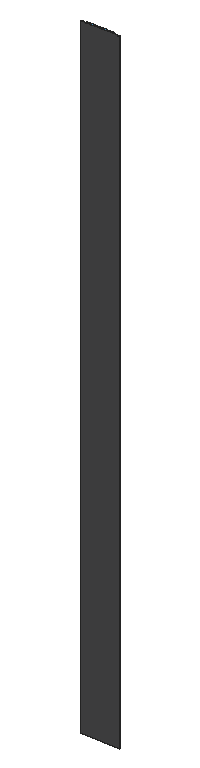
Revit family "Pantalla Modelo SE_", category Luminarias, Revit 2019
Family settings
  Cota de conector redondo = Diámetro de uso
  Tipo de pieza = Normal
  Se basa en plano de trabajo = Sí
  Siempre vertical = No
  Corte con vacíos al cargar = No
  Origen de luz = No
  Compartido = No
  Punto de cálculo de habitación = No
Parameters (values of type "Pantalla Modelo_SE55210W.1")
  Zone [instance] = ""
  Watt per fixture = 350
  Keynote = ""
  Modulo largo = 440 mm
  Modulo alto = 7040 mm
  Modelo = "SE55210W.1"
  Lámpara = "SMD 3 en 1"
  Fabricante = "BRILLANT"
  Espesor = 0.8 mm
  Default Elevation = 0 mm
  Descripción = "PANTALLA MODELO SE, CODIGO SE55210W.1, MODELO SE55, PIXEL PITCH 55MM, RESOLUCION DEL PANEL 8X128 DOTS, CANTIDAD POR PANEL DE LED A 1024 DOTS, CONFIGURACION DEL PIXEL SMD 3 EN 1, 1000 NITS EN BRILLO, FRECUENCIA DE ACTUALIZACION A 1000Hz, ESCALA DE GRISES 12BIT, AJUSTE DE BRILLO EN 256 NIVELES, DIMENSION DEL PANEL 440X7040MM, PANEL DE 3.1M2, PESO DEL PANEL EN 9.5kg, MAXIMO CONSUMO DE ENERGIA 350W, PROMEDIO DE CONSUMO 210W, ANGULO DE VISUALIZACION 120/110 GRADOS, DISTANCIA DE VISUALIZACION 55M, TRANSPARENCIA 55%, DURACION DE LAS LUCES (50% BRILLO) >50,000 HORAS, TEMPERATURA DE FUNCIONAMIENTO -30C a +40C, HUMEDAD RELATIVA 10-90%, IP 54/65 (OPCIONAL), VOLTAJE AC 100-240V/50-60Hz, MODO DE ENTRADA CORRIENTE CONSTANTE, TIPO DE SEÑAL AV, S-VIDEO, VGA, CVBS, HDMI, DVI, SDI. REQUIERE ACCESORIOS: PROCESADOR DE VIDEO (XPSE.1), CABLE DE ENERGIA L=75CM (XPSE.2), GANCHO 2.5KG (XPSE.3), DISTRIBUIDOR DE DATOS 8 PUERTOS 15KG (XPSE.5)."
  Comentarios de vataje = "100-240V"
  Circuit [instance] = ""
Types (4, lengths in mm): name | Watt per fixture | Modulo largo | Modulo alto | Modelo | Lámpara | Descripción
  Pantalla Modelo_SE55210W.1 | 350 | 440 | 7040 | "SE55210W.1" | "SMD 3 en 1" | "PANTALLA MODELO SE, CODIGO SE55210W.1, MODELO SE55, PIXEL PITCH 55MM, RESOLUCION DEL PANEL 8X128 DOTS, CANTIDAD POR PANEL DE LED A 1024 DOTS, CONFIGURACION DEL PIXEL SMD 3 EN 1, 1000 NITS EN BRILLO, FRECUENCIA DE ACTUALIZACION A 1000Hz, ESCALA DE GRISES 12BIT, AJUSTE DE BRILLO EN 256 NIVELES, DIMENSION DEL PANEL 440X7040MM, PANEL DE 3.1M2, PESO DEL PANEL EN 9.5kg, MAXIMO CONSUMO DE ENERGIA 350W, PROMEDIO DE CONSUMO 210W, ANGULO DE VISUALIZACION 120/110 GRADOS, DISTANCIA DE VISUALIZACION 55M, TRANSPARENCIA 55%, DURACION DE LAS LUCES (50% BRILLO) >50,000 HORAS, TEMPERATURA DE FUNCIONAMIENTO -30C a +40C, HUMEDAD RELATIVA 10-90%, IP 54/65 (OPCIONAL), VOLTAJE AC 100-240V/50-60Hz, MODO DE ENTRADA CORRIENTE CONSTANTE, TIPO DE SEÑAL AV, S-VIDEO, VGA, CVBS, HDMI, DVI, SDI. REQUIERE ACCESORIOS: PROCESADOR DE VIDEO (XPSE.1), CABLE DE ENERGIA L=75CM (XPSE.2), GANCHO 2.5KG (XPSE.3), DISTRIBUIDOR DE DATOS 8 PUERTOS 15KG (XPSE.5)."
  Pantalla Modelo_SE80160W.1 | 270 | 640 | 7680 | "SE80160W.1" | "SMD" | "PANTALLA MODELO SE, CODIGO SE80160W.1, MODELO SE80, PIXEL PITCH 80MM, RESOLUCION DEL PANEL 8X96 DOTS, CANTIDAD POR PANEL DE LED A 768 DOTS, CONFIGURACION DEL PIXEL SMD 3 EN 1, 600 NITS EN BRILLO, FRECUENCIA DE ACTUALIZACION A 1000Hz, ESCALA DE GRISES 12BIT, AJUSTE DE BRILLO EN 256 NIVELES, DIMENSION DEL PANEL 640X7680MM, PANEL DE 4.9M2, PESO DEL PANEL EN 10.5kg, MAXIMO CONSUMO DE ENERGIA 270W, PROMEDIO DE CONSUMO 160W, ANGULO DE VISUALIZACION 120/110 GRADOS, DISTANCIA DE VISUALIZACION 80M, TRANSPARENCIA 75%, DURACION DE LAS LUCES (50% BRILLO) >50,000 HORAS, TEMPERATURA DE FUNCIONAMIENTO -30C a +40C, HUMEDAD RELATIVA 10-90%, IP 54/65 (OPCIONAL), VOLTAJE AC 100-240V/50-60Hz, MODO DE ENTRADA CORRIENTE CONSTANTE, TIPO DE SEÑAL AV, S-VIDEO, VGA, CVBS, HDMI, DVI, SDI. REQUIERE ACCESORIOS: PROCESADOR DE VIDEO (XPSE.1), CABLE DE ENERGIA L=75CM (XPSE.2), GANCHO 2.5KG (XPSE.3), DISTRIBUIDOR DE DATOS 8 PUERTOS 15KG (XPSE.5)."
  Pantalla Modelo_SE55H660W.1 | 1100 | 440 | 7040 | "SE55H660W.1" | "SMD" | "PANTALLA MODELO SE55H, CODIGO SE55H660W.1, MODELO SE55H, PIXEL PITCH 55MM, RESOLUCION DEL PANEL 8X128 DOTS, CANTIDAD POR PANEL DE LED A 1024 DOTS, CONFIGURACION DEL PIXEL SMD 3 EN 1, 4000 NITS EN BRILLO, FRECUENCIA DE ACTUALIZACION A 1000Hz, ESCALA DE GRISES 12BIT, AJUSTE DE BRILLO EN 256 NIVELES, DIMENSION DEL PANEL 440X7040MM, PANEL DE 3.1M2, PESO DEL PANEL EN 20kg, MAXIMO CONSUMO DE ENERGIA 1100W, PROMEDIO DE CONSUMO 660W, ANGULO DE VISUALIZACION 120/110 GRADOS, DISTANCIA DE VISUALIZACION 55M, TRANSPARENCIA 60%, DURACION DE LAS LUCES (50% BRILLO) >50,000 HORAS, TEMPERATURA DE FUNCIONAMIENTO -30C a +40C, HUMEDAD RELATIVA 10-90%, IP 54/65 (OPCIONAL), VOLTAJE AC 100-240V/50-60Hz, MODO DE ENTRADA CORRIENTE CONSTANTE, TIPO DE SEÑAL AV, S-VIDEO, VGA, CVBS, HDMI, DVI, SDI. REQUIERE ACCESORIOS: PROCESADOR DE VIDEO (XPSE.1), CABLE DE ENERGIA L=75CM (XPSE.2), GANCHO 2.5KG (XPSE.3), DISTRIBUIDOR DE DATOS 8 PUERTOS 15KG (XPSE.5)."
  Pantalla Modelo_SE80H670W.1 | 670 | 640 | 10240 | "SE80H670W.1" | "SMD" | "PANTALLA MODELO SE80H, CODIGO SE80H670W.1, MODELO SE80H, PIXEL PITCH 80MM, RESOLUCION DEL PANEL 8X128 DOTS, CANTIDAD POR PANEL DE LED A 1024 DOTS, CONFIGURACION DEL PIXEL SMD 3 EN 1, 2000 NITS EN BRILLO, FRECUENCIA DE ACTUALIZACION A 1000Hz, ESCALA DE GRISES 12BIT, AJUSTE DE BRILLO EN 256 NIVELES, DIMENSION DEL PANEL 640X10240MM, PANEL DE 6.5M2, PESO DEL PANEL EN 22kg, MAXIMO CONSUMO DE ENERGIA 11,115W, PROMEDIO DE CONSUMO 60W, ANGULO DE VISUALIZACION 120/110 GRADOS, DISTANCIA DE VISUALIZACION 55M, TRANSPARENCIA 60%, DURACION DE LAS LUCES (50% BRILLO) >50,000 HORAS, TEMPERATURA DE FUNCIONAMIENTO -30C a +40C, HUMEDAD RELATIVA 10-90%, IP 54/65 (OPCIONAL), VOLTAJE AC 100-240V/50-60Hz, MODO DE ENTRADA CORRIENTE CONSTANTE, TIPO DE SEÑAL AV, S-VIDEO, VGA, CVBS, HDMI, DVI, SDI. REQUIERE ACCESORIOS: PROCESADOR DE VIDEO (XPSE.1), CABLE DE ENERGIA L=75CM (XPSE.2), GANCHO 2.5KG (XPSE.3), DISTRIBUIDOR DE DATOS 8 PUERTOS 15KG (XPSE.5)."
Reference planes
  plane 1 "Centro (Frontal/Posterior)": y = 0
  plane 2: z = 0
  plane 3 "Centro (Izquierda/Derecha)": x = 0
  plane 4: z = -7040
  plane 5: x = -220
  plane 6: x = 220
  plane 7: y = 0.8
Forms (mm)
  Extrusion 1, solid, material "Plastico"
    sketch origin (0, 0, 0) x (1, 0, 0) y (0, 1, 0)
      loop
        line (-220, 0) -> (220, 0) -> (220, 0.8) -> (-220, 0.8) -> (-220, 0)
    from 0 to -7040
  Revolve 2, solid, material "Cristal", not visible
    sketch origin (-152, 0, 0) x (0, 1, 0) y (0, 0, -1)
      loop
        line (0, -8.749) -> (0, -7.25) -> (-1.499, -7.25)
        arc (-1.499, -7.25) -> (-1.06, -8.31) -> (0, -8.749) r 1.499
      axis (0, -7.25) -> (-1.499, -7.25)
    angle from 0 to 360
  Revolve 3, solid, material "Cristal", not visible
    sketch origin (-136, 0, 0) x (0, 1, 0) y (0, 0, -1)
      loop
        line (0, -8.749) -> (0, -7.25) -> (-1.499, -7.25)
        arc (-1.499, -7.25) -> (-1.06, -8.31) -> (0, -8.749) r 1.499
      axis (0, -7.25) -> (-1.499, -7.25)
    angle from 0 to 360
  Revolve 4, solid, material "Cristal", not visible
    sketch origin (-120, 0, 0) x (0, 1, 0) y (0, 0, -1)
      loop
        line (0, -8.749) -> (0, -7.25) -> (-1.499, -7.25)
        arc (-1.499, -7.25) -> (-1.06, -8.31) -> (0, -8.749) r 1.499
      axis (0, -7.25) -> (-1.499, -7.25)
    angle from 0 to 360
  Revolve 5, solid, material "Cristal", not visible
    sketch origin (-104, 0, 0) x (0, 1, 0) y (0, 0, -1)
      loop
        line (0, -8.749) -> (0, -7.25) -> (-1.499, -7.25)
        arc (-1.499, -7.25) -> (-1.06, -8.31) -> (0, -8.749) r 1.499
      axis (0, -7.25) -> (-1.499, -7.25)
    angle from 0 to 360
  Revolve 6, solid, material "Cristal", not visible
    sketch origin (-88, 0, 0) x (0, 1, 0) y (0, 0, -1)
      loop
        line (0, -8.749) -> (0, -7.25) -> (-1.499, -7.25)
        arc (-1.499, -7.25) -> (-1.06, -8.31) -> (0, -8.749) r 1.499
      axis (0, -7.25) -> (-1.499, -7.25)
    angle from 0 to 360
  Revolve 7, solid, material "Cristal", not visible
    sketch origin (-72, 0, 0) x (0, 1, 0) y (0, 0, -1)
      loop
        line (0, -8.749) -> (0, -7.25) -> (-1.499, -7.25)
        arc (-1.499, -7.25) -> (-1.06, -8.31) -> (0, -8.749) r 1.499
      axis (0, -7.25) -> (-1.499, -7.25)
    angle from 0 to 360
  Revolve 8, solid, material "Cristal", not visible
    sketch origin (-56, 0, 0) x (0, 1, 0) y (0, 0, -1)
      loop
        line (0, -8.749) -> (0, -7.25) -> (-1.499, -7.25)
        arc (-1.499, -7.25) -> (-1.06, -8.31) -> (0, -8.749) r 1.499
      axis (0, -7.25) -> (-1.499, -7.25)
    angle from 0 to 360
  Revolve 9, solid, material "Cristal", not visible
    sketch origin (-40, 0, 0) x (0, 1, 0) y (0, 0, -1)
      loop
        line (0, -8.749) -> (0, -7.25) -> (-1.499, -7.25)
        arc (-1.499, -7.25) -> (-1.06, -8.31) -> (0, -8.749) r 1.499
      axis (0, -7.25) -> (-1.499, -7.25)
    angle from 0 to 360
  Revolve 10, solid, material "Cristal", not visible
    sketch origin (-24, 0, 0) x (0, 1, 0) y (0, 0, -1)
      loop
        line (0, -8.749) -> (0, -7.25) -> (-1.499, -7.25)
        arc (-1.499, -7.25) -> (-1.06, -8.31) -> (0, -8.749) r 1.499
      axis (0, -7.25) -> (-1.499, -7.25)
    angle from 0 to 360
  Revolve 11, solid, material "Cristal", not visible
    sketch origin (-8, 0, 0) x (0, 1, 0) y (0, 0, -1)
      loop
        line (0, -8.749) -> (0, -7.25) -> (-1.499, -7.25)
        arc (-1.499, -7.25) -> (-1.06, -8.31) -> (0, -8.749) r 1.499
      axis (0, -7.25) -> (-1.499, -7.25)
    angle from 0 to 360
  Revolve 12, solid, material "Cristal", not visible
    sketch origin (8, 0, 0) x (0, 1, 0) y (0, 0, -1)
      loop
        line (0, -8.749) -> (0, -7.25) -> (-1.499, -7.25)
        arc (-1.499, -7.25) -> (-1.06, -8.31) -> (0, -8.749) r 1.499
      axis (0, -7.25) -> (-1.499, -7.25)
    angle from 0 to 360
  Revolve 13, solid, material "Cristal", not visible
    sketch origin (24, 0, 0) x (0, 1, 0) y (0, 0, -1)
      loop
        line (0, -8.749) -> (0, -7.25) -> (-1.499, -7.25)
        arc (-1.499, -7.25) -> (-1.06, -8.31) -> (0, -8.749) r 1.499
      axis (0, -7.25) -> (-1.499, -7.25)
    angle from 0 to 360
  Revolve 14, solid, material "Cristal", not visible
    sketch origin (40, 0, 0) x (0, 1, 0) y (0, 0, -1)
      loop
        line (0, -8.749) -> (0, -7.25) -> (-1.499, -7.25)
        arc (-1.499, -7.25) -> (-1.06, -8.31) -> (0, -8.749) r 1.499
      axis (0, -7.25) -> (-1.499, -7.25)
    angle from 0 to 360
  Revolve 15, solid, material "Cristal", not visible
    sketch origin (56, 0, 0) x (0, 1, 0) y (0, 0, -1)
      loop
        line (0, -8.749) -> (0, -7.25) -> (-1.499, -7.25)
        arc (-1.499, -7.25) -> (-1.06, -8.31) -> (0, -8.749) r 1.499
      axis (0, -7.25) -> (-1.499, -7.25)
    angle from 0 to 360
  Revolve 16, solid, material "Cristal", not visible
    sketch origin (72, 0, 0) x (0, 1, 0) y (0, 0, -1)
      loop
        line (0, -8.749) -> (0, -7.25) -> (-1.499, -7.25)
        arc (-1.499, -7.25) -> (-1.06, -8.31) -> (0, -8.749) r 1.499
      axis (0, -7.25) -> (-1.499, -7.25)
    angle from 0 to 360
  Revolve 17, solid, material "Cristal", not visible
    sketch origin (88, 0, 0) x (0, 1, 0) y (0, 0, -1)
      loop
        line (0, -8.749) -> (0, -7.25) -> (-1.499, -7.25)
        arc (-1.499, -7.25) -> (-1.06, -8.31) -> (0, -8.749) r 1.499
      axis (0, -7.25) -> (-1.499, -7.25)
    angle from 0 to 360
  Revolve 18, solid, material "Cristal", not visible
    sketch origin (104, 0, 0) x (0, 1, 0) y (0, 0, -1)
      loop
        line (0, -8.749) -> (0, -7.25) -> (-1.499, -7.25)
        arc (-1.499, -7.25) -> (-1.06, -8.31) -> (0, -8.749) r 1.499
      axis (0, -7.25) -> (-1.499, -7.25)
    angle from 0 to 360
  Revolve 19, solid, material "Cristal", not visible
    sketch origin (120, 0, 0) x (0, 1, 0) y (0, 0, -1)
      loop
        line (0, -8.749) -> (0, -7.25) -> (-1.499, -7.25)
        arc (-1.499, -7.25) -> (-1.06, -8.31) -> (0, -8.749) r 1.499
      axis (0, -7.25) -> (-1.499, -7.25)
    angle from 0 to 360
  Revolve 20, solid, material "Cristal", not visible
    sketch origin (136, 0, 0) x (0, 1, 0) y (0, 0, -1)
      loop
        line (0, -8.749) -> (0, -7.25) -> (-1.499, -7.25)
        arc (-1.499, -7.25) -> (-1.06, -8.31) -> (0, -8.749) r 1.499
      axis (0, -7.25) -> (-1.499, -7.25)
    angle from 0 to 360
  Revolve 21, solid, material "Cristal", not visible
    sketch origin (152, 0, 0) x (0, 1, 0) y (0, 0, -1)
      loop
        line (0, -8.749) -> (0, -7.25) -> (-1.499, -7.25)
        arc (-1.499, -7.25) -> (-1.06, -8.31) -> (0, -8.749) r 1.499
      axis (0, -7.25) -> (-1.499, -7.25)
    angle from 0 to 360
Dimensions and locks
  equal spacing: plane 6, plane 3 "Centro (Izquierda/Derecha)", plane 5
  "Modulo largo": plane 6 to plane 5
  plane 3 "Centro (Izquierda/Derecha)" to plane 5 = 220 mm
  "Espesor": plane 1 "Centro (Frontal/Posterior)" to plane 7
  "Modulo alto": level to plane 4
  aligned and locked: plane 4 to Extrusion 1
  aligned and locked: plane 5 to Extrusion 1
  aligned and locked: Extrusion 1 to plane 6
  aligned and locked: plane 7 to Extrusion 1
  aligned and locked: level to plane 2
Automatic sketch dimensions
  Revolve 2 sketch curve to Revolve 2 sketch curve = 1.499 mm
  Revolve 2 sketch curve to Revolve 2 sketch curve = 3.099 mm
  Revolve 2 sketch curve to Revolve 2 sketch curve = 0 mm  (x2)
  Revolve 3 sketch curve to Revolve 3 sketch curve = 1.499 mm
  Revolve 3 sketch curve to Revolve 3 sketch curve = 3.099 mm
  Revolve 3 sketch curve to Revolve 3 sketch curve = 0 mm  (x2)
  Revolve 4 sketch curve to Revolve 4 sketch curve = 1.499 mm
  Revolve 4 sketch curve to Revolve 4 sketch curve = 3.099 mm
  Revolve 4 sketch curve to Revolve 4 sketch curve = 0 mm  (x2)
  Revolve 5 sketch curve to Revolve 5 sketch curve = 1.499 mm
  Revolve 5 sketch curve to Revolve 5 sketch curve = 3.099 mm
  Revolve 5 sketch curve to Revolve 5 sketch curve = 0 mm  (x2)
  Revolve 6 sketch curve to Revolve 6 sketch curve = 1.499 mm
  Revolve 6 sketch curve to Revolve 6 sketch curve = 3.099 mm
  Revolve 6 sketch curve to Revolve 6 sketch curve = 0 mm  (x2)
  Revolve 7 sketch curve to Revolve 7 sketch curve = 1.499 mm
  Revolve 7 sketch curve to Revolve 7 sketch curve = 3.099 mm
  Revolve 7 sketch curve to Revolve 7 sketch curve = 0 mm  (x2)
  Revolve 8 sketch curve to Revolve 8 sketch curve = 1.499 mm
  Revolve 8 sketch curve to Revolve 8 sketch curve = 3.099 mm
  Revolve 8 sketch curve to Revolve 8 sketch curve = 0 mm  (x2)
  Revolve 9 sketch curve to Revolve 9 sketch curve = 1.499 mm
  Revolve 9 sketch curve to Revolve 9 sketch curve = 3.099 mm
  Revolve 9 sketch curve to Revolve 9 sketch curve = 0 mm  (x2)
  Revolve 10 sketch curve to Revolve 10 sketch curve = 1.499 mm
  Revolve 10 sketch curve to Revolve 10 sketch curve = 3.099 mm
  Revolve 10 sketch curve to Revolve 10 sketch curve = 0 mm  (x2)
  Revolve 11 sketch curve to Revolve 11 sketch curve = 1.499 mm
  Revolve 11 sketch curve to Revolve 11 sketch curve = 3.099 mm
  Revolve 11 sketch curve to Revolve 11 sketch curve = 0 mm  (x2)
  Revolve 12 sketch curve to Revolve 12 sketch curve = 1.499 mm
  Revolve 12 sketch curve to Revolve 12 sketch curve = 3.099 mm
  Revolve 12 sketch curve to Revolve 12 sketch curve = 0 mm  (x2)
  Revolve 13 sketch curve to Revolve 13 sketch curve = 1.499 mm
  Revolve 13 sketch curve to Revolve 13 sketch curve = 3.099 mm
  Revolve 13 sketch curve to Revolve 13 sketch curve = 0 mm  (x2)
  Revolve 14 sketch curve to Revolve 14 sketch curve = 1.499 mm
  Revolve 14 sketch curve to Revolve 14 sketch curve = 3.099 mm
  Revolve 14 sketch curve to Revolve 14 sketch curve = 0 mm  (x2)
  Revolve 15 sketch curve to Revolve 15 sketch curve = 1.499 mm
  Revolve 15 sketch curve to Revolve 15 sketch curve = 3.099 mm
  Revolve 15 sketch curve to Revolve 15 sketch curve = 0 mm  (x2)
  Revolve 16 sketch curve to Revolve 16 sketch curve = 1.499 mm
  Revolve 16 sketch curve to Revolve 16 sketch curve = 3.099 mm
  Revolve 16 sketch curve to Revolve 16 sketch curve = 0 mm  (x2)
  Revolve 17 sketch curve to Revolve 17 sketch curve = 1.499 mm
  Revolve 17 sketch curve to Revolve 17 sketch curve = 3.099 mm
  Revolve 17 sketch curve to Revolve 17 sketch curve = 0 mm  (x2)
  Revolve 18 sketch curve to Revolve 18 sketch curve = 1.499 mm
  Revolve 18 sketch curve to Revolve 18 sketch curve = 3.099 mm
  Revolve 18 sketch curve to Revolve 18 sketch curve = 0 mm  (x2)
  Revolve 19 sketch curve to Revolve 19 sketch curve = 1.499 mm
  Revolve 19 sketch curve to Revolve 19 sketch curve = 3.099 mm
  Revolve 19 sketch curve to Revolve 19 sketch curve = 0 mm  (x2)
  Revolve 20 sketch curve to Revolve 20 sketch curve = 1.499 mm
  Revolve 20 sketch curve to Revolve 20 sketch curve = 3.099 mm
  Revolve 20 sketch curve to Revolve 20 sketch curve = 0 mm  (x2)
  Revolve 21 sketch curve to Revolve 21 sketch curve = 1.499 mm
  Revolve 21 sketch curve to Revolve 21 sketch curve = 3.099 mm
  Revolve 21 sketch curve to Revolve 21 sketch curve = 0 mm  (x2)
  Extrusion 1 sketch curve to plane 5 = 0 mm
  Extrusion 1 sketch curve to plane 6 = 0 mm
  plane 1 "Centro (Frontal/Posterior)" to Extrusion 1 sketch curve = 0 mm
  Extrusion 1 sketch curve to plane 7 = 0 mm
Connectors
  electrical at (0, 0.8, -3520)
    settings: on Extrusion 1, index 1, voltage 260 V, apparent load 0 VA, apparent load phase1 0 VA, apparent load phase2 0 VA, apparent load phase3 0 VA, power factor 1, load classification "Otro", number of poles 1, system type 31, power factor state 1, is connector primary yes, connector utility no, sub classification motor no, connector description ""
